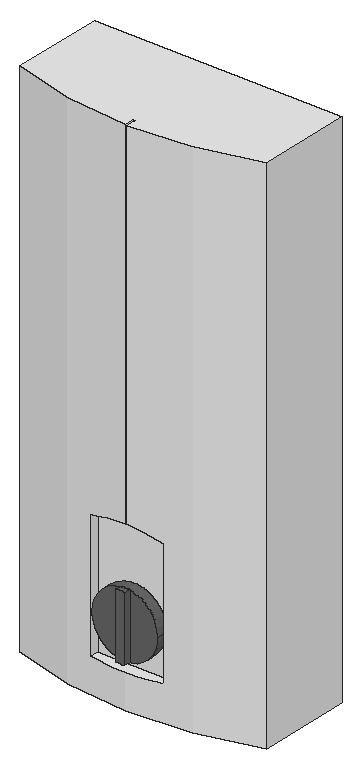
Revit family "Plumbing Fixture_Water Heater_Stiebel Eltron_DHBE-E", category Plumbing Fixtures, Revit 2015
Parameters (values of type "27 AU")
  Waste Connection = no
  Vent Connection = no
  URL = "http://www.stiebel.com.au/"
  Type Comments = "Instantaneous Water Heater"  # constant formula
  Model = "DHBE-E 27 AU"
  Manufacturer_URL__Product Specific = "http://www.stiebel.com.au/water-heating/dhb-e-instantaneous-3-phase-water-heater"
  Manufacturer_Spec Code = Model  # "DHBE-E 27 AU"
  Manufacturer_Overall Width = 225 mm  # constant formula
  Manufacturer_Overall Height = 478 mm  # constant formula
  Manufacturer_Overall Depth = 105 mm  # constant formula
  Manufacturer_Height From FFL [instance] = 900 mm
  Manufacturer = "Stiebel Eltron"  # constant formula
  HW Connection = yes
  Description = "Instantaneous 3 Phase Electric Water Heater - Up to 60°Celsius"
  CreatedBy_ANZRS = "IGS - BIM Solutions"  # constant formula
  CreatedByURL_ANZRS = "http://www.igsgroup.com.au/"
  CW Connection = yes
  ApparentLoad_ANZRS = 28752 VA
Types (3, lengths in mm): name | Model | Manufacturer_Spec Code | ApparentLoad_ANZRS
  13 AU | "DHBE-E 13 AU" | "DHBE-E 13 AU" | 14376 VA
  18 AU | "DHBE-E 18 AU" | "DHBE-E 18 AU" | 19407 VA
  27 AU | "DHBE-E 27 AU" | "DHBE-E 27 AU" | 28752 VA
Reference planes
  plane 1 "Center (Front/Back)": y = 0
  plane 2: z = 0
  plane 3 "Center (Left/Right)": x = 0
  plane 4 "Right": x = 112.5
  plane 5 "Left": x = -112.5
  plane 6 "Bottom": z = 900
  plane 7 "top": z = 1378
  plane 8 "Back": y = 52.5
  plane 9 "Front": y = -52.5
Forms (mm)
  Extrusion 1, solid, material "z_Stiebel Eltron_White"
    sketch origin (0, 0, 1378) x (-1, 0, 0) y (0, -1, 0)
      loop
        line (112.5, -37.5) -> (112.5, 32.5)
        arc (112.5, 32.5) -> (0, 52.5) -> (-112.5, 32.5) r 326.406
        line (-112.5, 32.5) -> (-112.5, -37.5) -> (112.5, -37.5)
    from -478 to 0
  Extrusion 2, void
    sketch origin (-2.784, 0, 863.757) x (1, 0, 0) y (0, 0, 1)
      loop
        arc (35.922, 183.734) -> (19.788, 187.446) -> (3.284, 188.751) r 112.576
        line (3.284, 188.751) -> (3.284, 514.243) -> (2.284, 514.243) -> (2.284, 188.752)
        arc (2.284, 188.752) -> (-14.235, 187.453) -> (-30.383, 183.745) r 112.571
        line (-30.383, 183.745) -> (-30.383, 68.744)
        arc (-30.383, 68.744) -> (2.769, 67.421) -> (35.922, 68.743) r 416.348
        line (35.922, 68.743) -> (35.922, 183.734)
    from 43.526 to 53.5
  Extrusion 3, solid, material "z_Stiebel Eltron_Black"
    sketch origin (0, 0, 891.832) x (1, 0, 0) y (0, 0, 1)
      loop
        circle (0, 79) r 30
    from 43.526 to 53.5
  Extrusion 4, solid, material "z_Stiebel Eltron_Black"
    sketch origin (0, 0, 891.832) x (1, 0, 0) y (0, 0, 1)
      loop
        line (-4.119, 108.45) -> (-4.119, 49.469)
        arc (-4.119, 49.469) -> (0, 49) -> (4.119, 49.469) r 18.33
        line (4.119, 49.469) -> (4.119, 108.45)
        arc (4.119, 108.45) -> (0, 109) -> (-4.119, 108.45) r 15.69
    from 53.5 to 58.5
  Extrusion 5, solid, material "z_Stiebel Eltron_White"
    sketch origin (-1893.299, -1524, 1378) x (-1, 0, 0) y (0, -1, 0)
      loop
        line (-1780.799, -1576.5) -> (-1780.799, -1561.5) -> (-2005.799, -1561.5) -> (-2005.799, -1576.5) -> (-1780.799, -1576.5)
    from -478 to 0
  Extrusion 6, solid
    sketch origin (-50.418, 0, 2493.962) x (1, 0, 0) y (0, 0, 1)
      loop
        circle (50.418, -1215.962) r 3
    from -52.5 to -57.498
  Extrusion 7, solid
    sketch origin (3.015, -10, 890.517) x (1, 0, 0) y (0, 0, 1)
      loop
        circle (-53.015, 49.483) r 6.35
      loop
        circle (46.985, 49.483) r 6.35
    from -67.5 to -62.5
  Extrusion 8, solid
    sketch origin (0, 0, 900) x (-1, 0, 0) y (0, -1, 0)
      loop
        circle (50, -17.5) r 6.35
      loop
        circle (-50, -17.5) r 6.35
    from -5.004 to 0
Cuts and joins
  Extrusion 2 cuts Extrusion 1
  joined: Extrusion 1, Extrusion 5
Lines and regions (mm)
  Masking region 1
    outline origin (0, 0, 0) x (1, 0, 0) y (0, 1, 0)
      loop
        arc (-112.5, -32.5) -> (-71.856, -44.493) -> (-30, -51.118) r 326.406
        line (-30, -51.118) -> (-30, -53.5) -> (-4.119, -53.5) -> (-4.119, -58.5) -> (4.119, -58.5) -> (4.119, -53.5) -> (30, -53.5) -> (30, -51.118)
        arc (30, -51.118) -> (71.856, -44.493) -> (112.5, -32.5) r 326.406
        line (112.5, -32.5) -> (112.5, 52.5) -> (-112.5, 52.5) -> (-112.5, -32.5)
  Masking region 2
    outline origin (-1065, 0, 900) x (0, 0, -1) y (1, 0, 0)
      loop
        line (-478, 952.5) -> (0, 952.5) -> (0, 1177.5) -> (-478, 1177.5) -> (-478, 952.5)
  Masking region 3
    outline origin (-112.5, 340, 2900) x (0, 1, 0) y (0, 0, 1)
      loop
        line (-392.5, -1522) -> (-392.5, -1847.491) -> (-393.5, -1847.491) -> (-393.5, -1899.12) -> (-396.326, -1899.12) -> (-396.326, -1959.165) -> (-393.5, -1959.165) -> (-393.5, -1968.82) -> (-392.5, -1968.82) -> (-392.5, -2000) -> (-287.5, -2000) -> (-287.5, -1522) -> (-392.5, -1522)
  Masking region 4, detail levels fine
    outline origin (0, 52.5, 0) x (-1, 0, 0) y (0, 0, 1)
      loop
        line (-4.119, 1000.547) -> (-4.119, 941.116)
        arc (-4.119, 941.116) -> (0, 940.832) -> (4.119, 941.116) r 30
        line (4.119, 941.116) -> (4.119, 1000.547)
        arc (4.119, 1000.547) -> (0, 1000.832) -> (-4.119, 1000.547) r 30
  symbolic lines, style "Water Storage", detail levels fine
    curve 1: arc (-30, -51.118, 0) -> (0, -52.5, 0) -> (30, -51.118, 0) r 326.406
    curve 2: line (-4.119, -53.5, 0) -> (4.119, -53.5, 0)
    curve 6: line (-112.5, -53.5, 1000.88) -> (-112.5, -53.5, 940.835)
    curve 7: line (-112.5, -52.5, 931.18) -> (-112.5, -52.5, 1052.509)
    curve 13: line (31.139, 52.5, 932.345) -> (31.139, 52.5, 900)
    curve 14: line (-31.139, 52.5, 932.344) -> (-31.139, 52.5, 900)
  symbolic lines, style "Water Storage", detail levels medium+fine
    curve 3: line (-0.5, 0, 1378) -> (-0.5, 0, 1052.509)
    curve 4: line (0.5, 0, 1378) -> (0.5, 0, 1052.509)
    curve 5: line (-112.5, -32.5, 1378) -> (-112.5, -32.5, 900)
    curve 15: arc (-33.167, 52.5, 932.501) -> (-0.014, 52.5, 931.178) -> (33.139, 52.5, 932.5) r 416.348
    curve 16: arc (30, 52.5, 970.832) -> (0, 52.5, 1000.832) -> (-30, 52.5, 970.832) r 30
    curve 17: arc (-30, 52.5, 970.832) -> (0, 52.5, 940.832) -> (30, 52.5, 970.832) r 30
  symbolic lines, style "Water Storage", detail levels coarse
    curve 8: line (0.337, 52.5, 1052.509) -> (-0.499, 52.5, 1052.509)
  symbolic lines, style "Water Storage"
    curve 9: line (-33.167, 52.5, 900) -> (-33.167, 52.5, 1047.502)
    curve 10: line (33.139, 52.5, 1047.492) -> (33.139, 52.5, 900)
    curve 11: arc (33.139, 52.5, 1047.492) -> (16.924, 52.5, 1051.215) -> (0.337, 52.5, 1052.509) r 112.576
    curve 12: arc (-0.499, 52.5, 1052.509) -> (-17.018, 52.5, 1051.211) -> (-33.167, 52.5, 1047.502) r 112.571
Text (mm)
  text "\n\n\n\nDisclaimer:\n\nDue to ongoing product development and manufacturing evolution, product details are subject to change without notice.\n\nPlease refer to product technical data sheets on www.stiebel.com.au for the most current product information.\n\nPlease allow a +/- 5mm tolerance for dimensions and set-outs shown in product literature.\n\n© Stiebel Eltron 2016" at (198.755, 205.825, 0), in view "Ref. Level_Instruction"
Dimensions and locks
  "Manufacturer_Height From FFL": plane 6 "Bottom" to plane 2
  equal spacing: plane 9 "Front", plane 1 "Center (Front/Back)", plane 8 "Back"
  "Manufacturer_Overall Depth": plane 8 "Back" to plane 9 "Front"
  equal spacing: plane 5 "Left", plane 3 "Center (Left/Right)", plane 4 "Right"
  "Manufacturer_Overall Width": plane 5 "Left" to plane 4 "Right"
  "Manufacturer_Overall Height": plane 7 "top" to plane 6 "Bottom"
  aligned and locked: level to plane 2
  aligned and locked: Extrusion 4 to Extrusion 3
  aligned and locked: plane 7 "top" to Extrusion 2
Automatic sketch dimensions
  plane 6 "Bottom" to Extrusion 3 sketch curve = 70.832 mm
  plane 4 "Right" to Extrusion 3 sketch curve = 112.5 mm
  Extrusion 5 sketch curve to plane 4 "Right" = 0 mm
  Extrusion 5 sketch curve to plane 5 "Left" = 0 mm
  Extrusion 5 sketch curve to plane 8 "Back" = 0 mm
  Extrusion 4 sketch curve to plane 3 "Center (Left/Right)" = 4.119 mm
  Extrusion 4 sketch curve to plane 3 "Center (Left/Right)" = 0 mm  (x2)
  Extrusion 4 sketch curve to Extrusion 4 sketch curve = 25.98 mm
  Extrusion 4 sketch curve to Extrusion 4 sketch curve = 15.139 mm
  plane 3 "Center (Left/Right)" to Extrusion 4 sketch curve = 4.119 mm
  Extrusion 1 sketch curve to plane 4 "Right" = 0 mm
  Extrusion 1 sketch curve to plane 3 "Center (Left/Right)" = 0 mm
  plane 8 "Back" to Extrusion 1 sketch curve = 221.406 mm
  Extrusion 4 sketch curve to Extrusion 4 sketch curve = 17.861 mm
  plane 6 "Bottom" to Extrusion 4 sketch curve = 41.301 mm
  Extrusion 7 sketch curve to plane 3 "Center (Left/Right)" = 50 mm
  plane 3 "Center (Left/Right)" to Extrusion 7 sketch curve = 50 mm
  plane 6 "Bottom" to Extrusion 7 sketch curve = 40 mm  (x2)
  plane 3 "Center (Left/Right)" to Extrusion 8 sketch curve = 50 mm
  Extrusion 8 sketch curve to plane 3 "Center (Left/Right)" = 50 mm
  Extrusion 8 sketch curve to plane 1 "Center (Front/Back)" = 17.5 mm  (x2)
  Extrusion 1 sketch curve to plane 8 "Back" = 15 mm
  Extrusion 5 sketch curve to plane 8 "Back" = 15 mm
  Extrusion 1 sketch curve to plane 5 "Left" = 0 mm
  plane 9 "Front" to Extrusion 1 sketch curve = 20 mm
  Masking region 1 sketch curve to Masking region 1 sketch curve = 0 mm  (x2)
  Masking region 1 sketch curve to plane 5 "Left" = 0 mm
  Masking region 1 sketch curve to plane 3 "Center (Left/Right)" = 0 mm
  Masking region 1 sketch curve to plane 4 "Right" = 0 mm
  Masking region 1 sketch curve to plane 8 "Back" = 0 mm
  Masking region 1 sketch curve to plane 3 "Center (Left/Right)" = 30 mm
  Masking region 1 sketch curve to plane 3 "Center (Left/Right)" = 4.119 mm
  plane 3 "Center (Left/Right)" to Masking region 1 sketch curve = 4.119 mm
  plane 9 "Front" to Masking region 1 sketch curve = 1.382 mm  (x2)
  Masking region 1 sketch curve to Masking region 1 sketch curve = 25.881 mm
  Masking region 1 sketch curve to plane 9 "Front" = 1 mm  (x2)
  Masking region 1 sketch curve to Masking region 1 sketch curve = 5 mm
  plane 1 "Center (Front/Back)" to Masking region 1 sketch curve = 32.5 mm
  curve 1 to plane 3 "Center (Left/Right)" = 0 mm
  plane 8 "Back" to curve 1 = 221.406 mm
  plane 9 "Front" to curve 1 = 1.382 mm  (x2)
  curve 1 to plane 3 "Center (Left/Right)" = 30 mm
  curve 2 to plane 9 "Front" = 1 mm
  curve 2 to plane 3 "Center (Left/Right)" = 4.119 mm
  plane 3 "Center (Left/Right)" to curve 2 = 4.119 mm
  curve 4 to plane 7 "top" = 0 mm
  curve 3 to plane 7 "top" = 0 mm
  plane 3 "Center (Left/Right)" to curve 4 = 0.5 mm
  plane 6 "Bottom" to curve 4 = 152.509 mm
  curve 3 to plane 3 "Center (Left/Right)" = 0.5 mm
  curve 4 to curve 3 = 0 mm
  curve 5 to plane 6 "Bottom" = 0 mm
  curve 5 to plane 7 "top" = 0 mm
  curve 6 to plane 9 "Front" = 1 mm
  plane 9 "Front" to curve 7 = 0 mm
  plane 9 "Front" to curve 5 = 20 mm
  plane 6 "Bottom" to curve 7 = 31.18 mm
  curve 7 to curve 6 = 9.655 mm
  curve 6 to curve 6 = 60.046 mm
  curve 6 to curve 7 = 51.628 mm
  curve 10 to plane 6 "Bottom" = 0 mm
  curve 13 to plane 6 "Bottom" = 0 mm
  curve 14 to plane 6 "Bottom" = 0 mm
  curve 9 to plane 6 "Bottom" = 0 mm
  plane 3 "Center (Left/Right)" to curve 10 = 33.139 mm
  plane 3 "Center (Left/Right)" to curve 8 = 0.337 mm
  plane 3 "Center (Left/Right)" to curve 12 = 0.036 mm
  curve 11 to plane 3 "Center (Left/Right)" = 0.097 mm
  curve 8 to plane 3 "Center (Left/Right)" = 0.499 mm
  curve 12 to curve 9 = 32.668 mm
  plane 6 "Bottom" to curve 11 = 39.933 mm
  curve 11 to curve 12 = 0.006 mm
  curve 12 to curve 10 = 107.553 mm
  plane 3 "Center (Left/Right)" to curve 13 = 31.139 mm
  curve 14 to curve 9 = 2.028 mm
  curve 14 to curve 11 = 7.59 mm
  curve 13 to curve 12 = 7.594 mm
  Extrusion 2 sketch curve to plane 7 "top" = 0 mm
  Extrusion 2 sketch curve to plane 3 "Center (Left/Right)" = 33.167 mm
  Extrusion 2 sketch curve to plane 3 "Center (Left/Right)" = 0.5 mm
  Extrusion 2 sketch curve to plane 3 "Center (Left/Right)" = 0.097 mm
  Extrusion 2 sketch curve to plane 3 "Center (Left/Right)" = 0.009 mm
  plane 3 "Center (Left/Right)" to Extrusion 2 sketch curve = 0.036 mm
  plane 3 "Center (Left/Right)" to Extrusion 2 sketch curve = 0.5 mm
  plane 3 "Center (Left/Right)" to Extrusion 2 sketch curve = 33.139 mm
  Extrusion 2 sketch curve to plane 7 "top" = 30.474 mm
  plane 6 "Bottom" to Extrusion 2 sketch curve = 152.509 mm
  Extrusion 2 sketch curve to Extrusion 2 sketch curve = 0.001 mm
  Extrusion 2 sketch curve to Extrusion 2 sketch curve = 5.007 mm
  Extrusion 2 sketch curve to Extrusion 2 sketch curve = 5.016 mm
  plane 6 "Bottom" to Extrusion 2 sketch curve = 32.501 mm
  Extrusion 6 sketch curve to plane 3 "Center (Left/Right)" = 0 mm
  Extrusion 6 sketch curve to plane 7 "top" = 100 mm
  Masking region 2 sketch curve to plane 4 "Right" = 0 mm
  Masking region 2 sketch curve to plane 7 "top" = 0 mm
  Masking region 2 sketch curve to plane 5 "Left" = 0 mm
  Masking region 2 sketch curve to plane 6 "Bottom" = 0 mm
  Masking region 3 sketch curve to plane 6 "Bottom" = 0 mm
  Masking region 3 sketch curve to plane 7 "top" = 0 mm
  Masking region 3 sketch curve to plane 8 "Back" = 0 mm
  plane 9 "Front" to Masking region 3 sketch curve = 0 mm  (x2)
  Masking region 3 sketch curve to plane 9 "Front" = 1 mm  (x2)
  Masking region 3 sketch curve to Masking region 3 sketch curve = 2.826 mm
  Masking region 3 sketch curve to Masking region 3 sketch curve = 31.18 mm
  Masking region 3 sketch curve to Masking region 3 sketch curve = 9.655 mm
  Masking region 3 sketch curve to Masking region 3 sketch curve = 60.046 mm
  Masking region 3 sketch curve to Masking region 3 sketch curve = 51.628 mm
  curve 15 to plane 7 "top" = 30.474 mm
  plane 3 "Center (Left/Right)" to curve 16 = 0 mm
  curve 12 to curve 17 = 30.893 mm
  curve 17 to curve 16 = 30 mm
  plane 6 "Bottom" to Masking region 4 sketch curve = 41.116 mm
  Masking region 4 sketch curve to Masking region 4 sketch curve = 0 mm  (x3)
  plane 3 "Center (Left/Right)" to Masking region 4 sketch curve = 0 mm
  Masking region 4 sketch curve to Masking region 4 sketch curve = 4.119 mm
  Masking region 4 sketch curve to Masking region 4 sketch curve = 29.716 mm  (x2)
  radius of Extrusion 3 sketch curve = 30 mm
  radius of Extrusion 7 sketch curve = 6.35 mm  (x2)
  radius of Extrusion 8 sketch curve = 6.35 mm  (x2)
  radius of Extrusion 6 sketch curve = 3 mm
Connectors
  electrical at (0, 57.498, 1278), driven by "ApparentLoad_ANZRS"
    settings: on Extrusion 6, index 1, voltage 400 V, apparent load 28752 VA, apparent load phase1 0 VA, apparent load phase2 0 VA, apparent load phase3 0 VA, power factor 1, load classification "Power", number of poles 3, system type 30, power factor state 1, is connector primary yes, connector utility no, sub classification motor no, connector description "Electric"
  piping at (50, 57.5, 940), diameter 12.7, driven by "CW Connection"
    settings: on Extrusion 7, index 2, connector inside diameter 609.6 mm, connector length 0 mm, flow factor 0, pipe flow 0.0 L/s, pressure drop 0.0 Pa, fitting loss kfactor 0, connector angle 0.00°, fixture units 0, engagement length 0 mm, angle of deflection 0.00°, flow configuration 2, flow direction 1, fitting loss method 4, system type 20, joint type 0, gender type 0, connector reference index -1, connector utility 1, adjustable connector no, is connector primary yes, connector description "Cold Water Inlet"
  piping at (-50, 57.5, 940), diameter 12.7, driven by "HW Connection"
    settings: on Extrusion 7, index 3, connector inside diameter 609.6 mm, connector length 0 mm, flow factor 0, pipe flow 0.0 L/s, pressure drop 0.0 Pa, fitting loss kfactor 0, connector angle 0.00°, fixture units 0, engagement length 0 mm, angle of deflection 0.00°, flow configuration 2, flow direction 2, fitting loss method 4, system type 19, joint type 0, gender type 0, connector reference index -1, connector utility 1, adjustable connector no, is connector primary no, connector description "Hot Water Outlet"
  piping at (-50, 17.5, 894.996), diameter 12.7, driven by "HW Connection"
    settings: on Extrusion 8, index 4, connector inside diameter 609.6 mm, connector length 0 mm, flow factor 0, pipe flow 0.0 L/s, pressure drop 0.0 Pa, fitting loss kfactor 0, connector angle 0.00°, fixture units 0, engagement length 0 mm, angle of deflection 0.00°, flow configuration 2, flow direction 2, fitting loss method 4, system type 19, joint type 0, gender type 0, connector reference index -1, connector utility 1, adjustable connector no, is connector primary no, connector description "Hot Water Outlet"
  piping at (50, 17.5, 894.996), diameter 12.7, driven by "CW Connection"
    settings: on Extrusion 8, index 5, connector inside diameter 609.6 mm, connector length 0 mm, flow factor 0, pipe flow 0.0 L/s, pressure drop 0.0 Pa, fitting loss kfactor 0, connector angle 0.00°, fixture units 0, engagement length 0 mm, angle of deflection 0.00°, flow configuration 2, flow direction 1, fitting loss method 4, system type 20, joint type 0, gender type 0, connector reference index -1, connector utility 1, adjustable connector no, is connector primary no, connector description "Cold Water Inlet"
